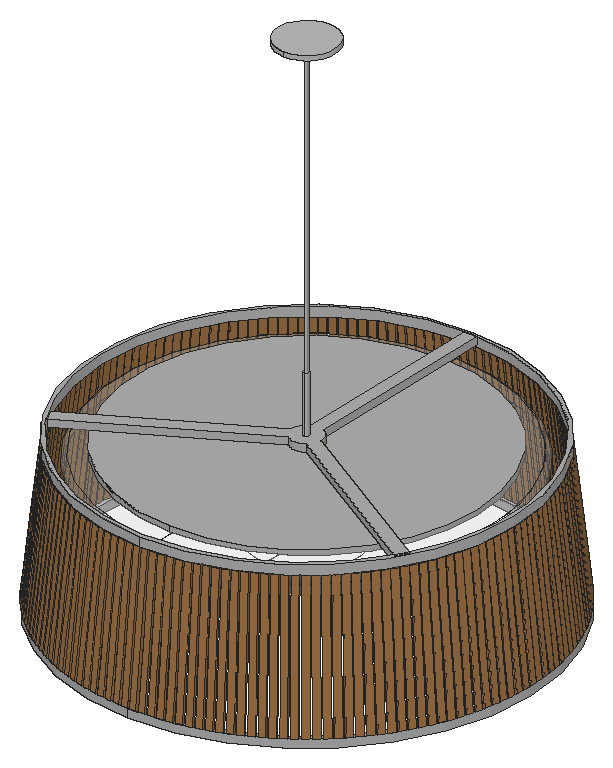
Revit family "Haworth_Solis Drum_Light_Large", category Lighting Fixtures, Revit 2018 (continued)
Automatic sketch dimensions
  Extrusion 8 sketch curve to Extrusion 8 sketch curve = 0.04725"
  Extrusion 8 sketch curve to Extrusion 8 sketch curve = 0.2039"
  Extrusion 8 sketch curve to Extrusion 8 sketch curve = 0.046"
  Extrusion 8 sketch curve to Extrusion 8 sketch curve = 0.19164"
  Extrusion 8 sketch curve to Extrusion 8 sketch curve = 0.04303"
  Extrusion 8 sketch curve to Extrusion 8 sketch curve = 0.18604"
  Extrusion 8 sketch curve to Extrusion 8 sketch curve = 0.04176"
  Extrusion 8 sketch curve to Extrusion 8 sketch curve = 0.17359"
  Extrusion 8 sketch curve to Extrusion 8 sketch curve = 0.03874"
  Extrusion 8 sketch curve to Extrusion 8 sketch curve = 0.1679"
  Extrusion 8 sketch curve to Extrusion 8 sketch curve = 0.03747"
  Extrusion 8 sketch curve to Extrusion 8 sketch curve = 0.15528"
  Extrusion 8 sketch curve to Extrusion 8 sketch curve = 0.0344"
  Extrusion 8 sketch curve to Extrusion 8 sketch curve = 0.14951"
  Extrusion 8 sketch curve to Extrusion 8 sketch curve = 0.03311"
  Extrusion 8 sketch curve to Extrusion 8 sketch curve = 0.13676"
  Extrusion 8 sketch curve to Extrusion 8 sketch curve = 0.13092"
  Extrusion 8 sketch curve to Extrusion 8 sketch curve = 0.0287"
  Extrusion 8 sketch curve to Extrusion 8 sketch curve = 0.11809"
  Extrusion 8 sketch curve to Extrusion 8 sketch curve = 0.02556"
  Extrusion 8 sketch curve to Extrusion 8 sketch curve = 0.11213"
  Extrusion 8 sketch curve to Extrusion 8 sketch curve = 0.02424"
  Extrusion 8 sketch curve to Extrusion 8 sketch curve = 0.09913"
  Extrusion 8 sketch curve to Extrusion 8 sketch curve = 0.02108"
  Extrusion 8 sketch curve to Extrusion 8 sketch curve = 0.09319"
  Extrusion 8 sketch curve to Extrusion 8 sketch curve = 0.01976"
  Extrusion 8 sketch curve to Extrusion 8 sketch curve = 0.08008"
  Extrusion 8 sketch curve to Extrusion 8 sketch curve = 0.01659"
  Extrusion 8 sketch curve to Extrusion 8 sketch curve = 0.07411"
  Extrusion 8 sketch curve to Extrusion 8 sketch curve = 0.01525"
  Extrusion 8 sketch curve to Extrusion 8 sketch curve = 0.06092"
  Extrusion 8 sketch curve to Extrusion 8 sketch curve = 0.01206"
  Extrusion 8 sketch curve to Extrusion 8 sketch curve = 0.05492"
  Extrusion 8 sketch curve to Extrusion 8 sketch curve = 0.01071"
  Extrusion 8 sketch curve to Extrusion 8 sketch curve = 0.04167"
  Extrusion 8 sketch curve to Extrusion 8 sketch curve = 0.00752"
  Extrusion 8 sketch curve to Extrusion 8 sketch curve = 0.03565"
  Extrusion 8 sketch curve to Extrusion 8 sketch curve = 0.00616"
  Extrusion 8 sketch curve to Extrusion 8 sketch curve = 0.02236"
  Extrusion 8 sketch curve to Extrusion 8 sketch curve = 0.00296"
  Extrusion 8 sketch curve to Extrusion 8 sketch curve = 0.01633"
  Extrusion 8 sketch curve to Extrusion 8 sketch curve = 0.0016"
  Extrusion 8 sketch curve to Extrusion 8 sketch curve = 0.03557"
  Extrusion 8 sketch curve to Extrusion 8 sketch curve = 0.01169"
  Extrusion 8 sketch curve to Extrusion 8 sketch curve = 0.01008"
  Extrusion 8 sketch curve to Extrusion 8 sketch curve = 0.02094"
  Extrusion 8 sketch curve to Extrusion 8 sketch curve = 0.01675"
  Extrusion 8 sketch curve to Extrusion 8 sketch curve = 0.00443"
  Extrusion 8 sketch curve to Extrusion 8 sketch curve = 0.00282"
  Extrusion 2 sketch curve to plane 3 "Center L/R" = 0"
  plane 1 "Center F/B" to Extrusion 2 sketch curve = 0"
  plane 1 "Center F/B" to Masking region 1 sketch curve = 0"
  Masking region 1 sketch curve to plane 3 "Center L/R" = 0"
  curve 1 to curve 2 = 0"  (x2)
  curve 1 to curve 3 = 0"  (x2)
  curve 2 to curve 3 = 0"  (x2)
  plane 1 "Center F/B" to curve 2 = 0"
  curve 2 to plane 3 "Center L/R" = 0"
  curve 12 to curve 13 = 0"  (x2)
  curve 12 to curve 14 = 0"  (x2)
  curve 12 to curve 15 = 0"
  plane 1 "Center F/B" to curve 5 = 0"
  curve 5 to plane 3 "Center L/R" = 0"
  curve 13 to plane 3 "Center L/R" = 0.0008"
  curve 6 to curve 14 = 0.4992"
  curve 11 to curve 12 = 0.50031"
  plane 3 "Center L/R" to curve 7 = 1/2"
  curve 13 to curve 8 = 0.50027"
  plane 1 "Center F/B" to curve 11 = 7.79582"
  curve 9 to curve 8 = 0.86587"
  curve 7 to plane 5 = 1.53378"
  curve 10 to plane 3 "Center L/R" = 1.66718"
  plane 1 "Center F/B" to curve 11 = 0.67387"
  curve 11 to curve 10 = 1/2"
  plane 1 "Center F/B" to curve 9 = 1.5399"
  plane 1 "Center F/B" to curve 8 = 0.67387"
  curve 7 to curve 5 = 0.05576"
  curve 9 to plane 11 = 3.99873"
  Revolve 7 sketch curve to plane 11 = 1.41335"
  Revolve 7 sketch curve to plane 11 = 0.13511"
  Extrusion 8 sketch curve to Extrusion 8 sketch curve = 65/128"
  Extrusion 8 sketch curve to Extrusion 8 sketch curve = 0.49496"
  Extrusion 8 sketch curve to Extrusion 8 sketch curve = 0.6853"
  Extrusion 8 sketch curve to Extrusion 8 sketch curve = 0.10759"
  Extrusion 8 sketch curve to Extrusion 8 sketch curve = 0.27725"
  Extrusion 8 sketch curve to Extrusion 8 sketch curve = 0.2739"
  Extrusion 8 sketch curve to Extrusion 8 sketch curve = 0.10372"
  Extrusion 8 sketch curve to Extrusion 8 sketch curve = 0.10159"
  Extrusion 8 sketch curve to Extrusion 8 sketch curve = 0.26144"
  Extrusion 8 sketch curve to Extrusion 8 sketch curve = 0.28431"
  Extrusion 8 sketch curve to Extrusion 8 sketch curve = 0.09756"
  Extrusion 8 sketch curve to Extrusion 8 sketch curve = 0.09618"
  Extrusion 8 sketch curve to Extrusion 8 sketch curve = 0.24525"
  Extrusion 8 sketch curve to Extrusion 8 sketch curve = 0.24159"
  Extrusion 8 sketch curve to Extrusion 8 sketch curve = 0.09125"
  Extrusion 8 sketch curve to Extrusion 8 sketch curve = 23/256"
  Extrusion 8 sketch curve to Extrusion 8 sketch curve = 0.2287"
  Extrusion 8 sketch curve to Extrusion 8 sketch curve = 0.22496"
  Extrusion 8 sketch curve to Extrusion 8 sketch curve = 0.08481"
  Extrusion 8 sketch curve to Extrusion 8 sketch curve = 0.08339"
  Extrusion 8 sketch curve to Extrusion 8 sketch curve = 0.21181"
  Extrusion 8 sketch curve to Extrusion 8 sketch curve = 0.20801"
  Extrusion 8 sketch curve to Extrusion 8 sketch curve = 0.07826"
  Extrusion 8 sketch curve to Extrusion 8 sketch curve = 0.07679"
  Extrusion 8 sketch curve to Extrusion 8 sketch curve = 0.19463"
  Extrusion 8 sketch curve to Extrusion 8 sketch curve = 0.19077"
  Extrusion 8 sketch curve to Extrusion 8 sketch curve = 0.07158"
  Extrusion 8 sketch curve to Extrusion 8 sketch curve = 0.07011"
  Extrusion 8 sketch curve to Extrusion 8 sketch curve = 0.17716"
  Extrusion 8 sketch curve to Extrusion 8 sketch curve = 0.17323"
  Extrusion 8 sketch curve to Extrusion 8 sketch curve = 0.0648"
  Extrusion 8 sketch curve to Extrusion 8 sketch curve = 0.06331"
  Extrusion 8 sketch curve to Extrusion 8 sketch curve = 0.15944"
  Extrusion 8 sketch curve to Extrusion 8 sketch curve = 0.15545"
  Extrusion 8 sketch curve to Extrusion 8 sketch curve = 0.05793"
  Extrusion 8 sketch curve to Extrusion 8 sketch curve = 0.05641"
  Extrusion 8 sketch curve to Extrusion 8 sketch curve = 0.14148"
  Extrusion 8 sketch curve to Extrusion 8 sketch curve = 0.13745"
  Extrusion 8 sketch curve to Extrusion 8 sketch curve = 0.05097"
  Extrusion 8 sketch curve to Extrusion 8 sketch curve = 0.04944"
  Extrusion 8 sketch curve to Extrusion 8 sketch curve = 0.12332"
  Extrusion 8 sketch curve to plane 11 = 0.46679"
  Extrusion 8 sketch curve to Extrusion 8 sketch curve = 0.04395"
  Extrusion 8 sketch curve to Extrusion 8 sketch curve = 0.0424"
  Extrusion 8 sketch curve to plane 11 = 0.35311"
  Extrusion 8 sketch curve to plane 11 = 0.32353"
  Extrusion 8 sketch curve to Extrusion 8 sketch curve = 0.03685"
  Extrusion 8 sketch curve to Extrusion 8 sketch curve = 0.0353"
  Extrusion 8 sketch curve to plane 11 = 0.22979"
  Extrusion 8 sketch curve to plane 11 = 0.2059"
  Extrusion 8 sketch curve to Extrusion 8 sketch curve = 0.02972"
  Extrusion 8 sketch curve to plane 11 = 0.17776"
  Extrusion 8 sketch curve to plane 11 = 0.13221"
  Extrusion 8 sketch curve to plane 11 = 0.11406"
  Extrusion 8 sketch curve to plane 11 = 0.10969"
  Extrusion 8 sketch curve to plane 11 = 0.09314"
  Extrusion 8 sketch curve to plane 11 = 0.06054"
  Extrusion 8 sketch curve to plane 11 = 0.04817"
  Extrusion 8 sketch curve to plane 11 = 0.04524"
  Extrusion 8 sketch curve to plane 11 = 0.03445"
  Extrusion 12 sketch curve to plane 11 = 3.97712"
  curve 10 to plane 12 = 3.99754"
  Extrusion 8 sketch curve to Extrusion 8 sketch curve = 0.28501"
  Extrusion 8 sketch curve to Extrusion 8 sketch curve = 0.28156"
  Extrusion 8 sketch curve to Extrusion 8 sketch curve = 0.10674"
  Extrusion 8 sketch curve to Extrusion 8 sketch curve = 0.10543"
  Extrusion 8 sketch curve to Extrusion 8 sketch curve = 0.26939"
  Extrusion 8 sketch curve to Extrusion 8 sketch curve = 0.26585"
  Extrusion 8 sketch curve to Extrusion 8 sketch curve = 0.10067"
  Extrusion 8 sketch curve to Extrusion 8 sketch curve = 0.09929"
  Extrusion 8 sketch curve to Extrusion 8 sketch curve = 0.25339"
  Extrusion 8 sketch curve to Extrusion 8 sketch curve = 0.24977"
  Extrusion 8 sketch curve to Extrusion 8 sketch curve = 0.09442"
  Extrusion 8 sketch curve to Extrusion 8 sketch curve = 0.09304"
  Extrusion 8 sketch curve to Extrusion 8 sketch curve = 0.23702"
  Extrusion 8 sketch curve to Extrusion 8 sketch curve = 0.23331"
  Extrusion 8 sketch curve to Extrusion 8 sketch curve = 0.08805"
  Extrusion 8 sketch curve to Extrusion 8 sketch curve = 0.08664"
  Extrusion 8 sketch curve to Extrusion 8 sketch curve = 0.2203"
  Extrusion 8 sketch curve to Extrusion 8 sketch curve = 0.21652"
  Extrusion 8 sketch curve to Extrusion 8 sketch curve = 0.08156"
  Extrusion 8 sketch curve to Extrusion 8 sketch curve = 0.08011"
  Extrusion 8 sketch curve to Extrusion 8 sketch curve = 0.20324"
  Extrusion 8 sketch curve to Extrusion 8 sketch curve = 0.19942"
  Extrusion 8 sketch curve to Extrusion 8 sketch curve = 0.07494"
  Extrusion 8 sketch curve to Extrusion 8 sketch curve = 0.07346"
  Extrusion 8 sketch curve to Extrusion 8 sketch curve = 0.18593"
  Extrusion 8 sketch curve to Extrusion 8 sketch curve = 0.18204"
  Extrusion 8 sketch curve to Extrusion 8 sketch curve = 0.0682"
  Extrusion 8 sketch curve to Extrusion 8 sketch curve = 0.06672"
  Extrusion 8 sketch curve to Extrusion 8 sketch curve = 0.16833"
  Extrusion 8 sketch curve to Extrusion 8 sketch curve = 0.16437"
  Extrusion 8 sketch curve to Extrusion 8 sketch curve = 0.06139"
  Extrusion 8 sketch curve to Extrusion 8 sketch curve = 0.05987"
  Extrusion 8 sketch curve to Extrusion 8 sketch curve = 0.15048"
  Extrusion 8 sketch curve to Extrusion 8 sketch curve = 0.14647"
  Extrusion 8 sketch curve to Extrusion 8 sketch curve = 0.05446"
  Extrusion 8 sketch curve to Extrusion 8 sketch curve = 0.05294"
  Extrusion 8 sketch curve to Extrusion 8 sketch curve = 0.13242"
  Extrusion 8 sketch curve to Extrusion 8 sketch curve = 0.12836"
  Extrusion 8 sketch curve to Extrusion 8 sketch curve = 0.04777"
  Extrusion 8 sketch curve to Extrusion 8 sketch curve = 0.04592"
  Extrusion 8 sketch curve to plane 12 = 0.4244"
  Extrusion 8 sketch curve to plane 12 = 0.39196"
  Extrusion 8 sketch curve to Extrusion 8 sketch curve = 0.04042"
  Extrusion 8 sketch curve to Extrusion 8 sketch curve = 0.03885"
  Extrusion 8 sketch curve to plane 12 = 0.28824"
  Extrusion 8 sketch curve to plane 12 = 0.26149"
  Extrusion 8 sketch curve to Extrusion 8 sketch curve = 0.0333"
  Extrusion 8 sketch curve to Extrusion 8 sketch curve = 0.03171"
  Extrusion 8 sketch curve to plane 12 = 0.17775"
  Extrusion 8 sketch curve to plane 12 = 0.15674"
  Extrusion 8 sketch curve to plane 12 = 0.15164"
  Extrusion 8 sketch curve to plane 12 = 0.13221"
  Extrusion 8 sketch curve to plane 12 = 0.09313"
  Extrusion 8 sketch curve to plane 12 = 0.07786"
  Extrusion 8 sketch curve to plane 12 = 19/256"
  Extrusion 8 sketch curve to plane 12 = 0.06053"
  Extrusion 8 sketch curve to plane 12 = 0.03446"
  Extrusion 12 sketch curve to plane 12 = 3.97799"
  plane 9 to Revolve 7 sketch curve = 4.18976"
  plane 9 to Revolve 11 sketch curve = 1.92039"
  plane 7 "Bottom" to Revolve 7 sketch curve = 0.82755"
  radius of Extrusion 1 sketch curve = 17.96795"
  radius of Extrusion 1 sketch curve = 17.6803"
  radius of Extrusion 3 sketch curve = 2 69/256"
  radius of Extrusion 4 sketch curve = 0.37244"
  radius of Extrusion 5 sketch curve = 0.12504"
  radius of Extrusion 6 sketch curve = 0.20512"
  radius of Extrusion 10 sketch curve = 17.6803"
  radius of Extrusion 10 sketch curve = 18.01177"
  radius of Extrusion 9 sketch curve = 16.72715"
  radius of Extrusion 9 sketch curve = 16.46754"
  radius of Extrusion 2 sketch curve = 13 3/4"
  radius of Masking region 1 sketch curve = 17.98231"
  radius of curve 1 = 16.72234"
  radius of curve 2 = 15 1/2"
  radius of curve 3 = 15.06089"
Connectors (in)
  electrical at (-16.34139, 8.82887, 120)
    settings: on cut or joined group of Extrusion 3, Extrusion 4, Extrusion 5, Extrusion 6, index 1, voltage 0 V, apparent load 0 VA, apparent load phase1 0 VA, apparent load phase2 0 VA, apparent load phase3 0 VA, power factor 1, load classification "Other", number of poles 1, system type 31, power factor state 1, is connector primary yes, connector utility no, sub classification motor no, connector description ""
